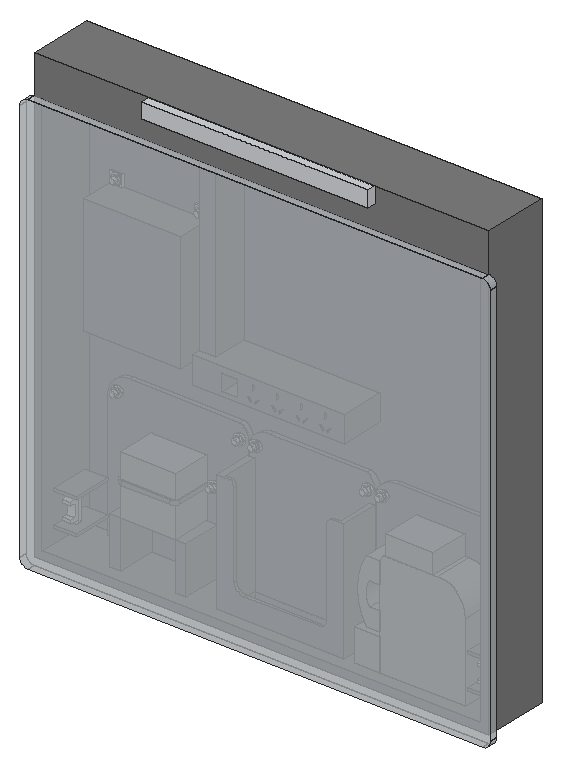
Revit family "ML_IMC3_LUX", category Specialty Equipment, Revit 2019
Family settings
  Round Connector Dimension = Use Diameter
  Part Type = Normal
  OmniClass Number = 23.40.20.21.47
  OmniClass Title = Bath Grab Bars
  Work Plane-Based = No
  Always vertical = Yes
  Cut with Voids When Loaded = No
  Shared = No
  Room Calculation Point = No
Parameters (values of type "ML_IMC3_LUX")
  URL = "http://www.metlam.com.au/"
  Type Comments = "Grab Rails"  # constant formula
  Jar = Plastic
  Bolts = z_Metlam_Stainless Steel
  ModifiedIssue_ANZRS = 20151029  # constant formula
  Model = "MLR 101"
  Mirror = Mirror
  Manufacture Width = 865 mm
  Manufacture Height = 859 mm
  Manufacture Depth = 125 mm
  Manufacturer_URL__Product Specific = "http://metlam.com.au/product/content/grab-rails/MLR101"
  Manufacturer_URL_Home Page = "http://www.metlam.com.au/"
  Manufacturer_Spec Code = Model  # "MLR 101"
  Manufacturer_Height From FFL [instance] = 1450 mm
  Manufacturer = "Metlam"  # constant formula
  Keynote = ""
  Frame = Aluminium
  Description = "30° Flush Mount Side Wall & Cistern Grab Rail LH Set"  # constant formula
  CreatedBy_ANZRS = "IGS - BIM Solutions"  # constant formula
  CreatedByURL_ANZRS = "http://www.igsgroup.com.au/"
  Assembly Code = "C1030200"
Reference planes
  plane 1 "Origin": z = 0
  plane 2 "MountingHeight": z = 1450
  plane 3 "Left": x = -560
  plane 4 "Top": z = 2309
  plane 5 "Right": x = 305
  plane 6 "Center (Left/Right)": x = -127.5
  plane 7 "Rear Wall Offset": y = 653
  plane 8 "4": y = 528
  plane 9: y = 628
Forms (mm)
  Extrusion 1, solid, material "Aluminium" <- "Frame"
    sketch origin (0, 0, 0) x (1, 0, 0) y (0, 1, 0)
      loop
        line (-560, 653) -> (-560, 528) -> (-545, 528) -> (-545, 638) -> (290, 638) -> (290, 528) -> (305, 528) -> (305, 653) -> (-560, 653)
    from 1450 to 2309
  Extrusion 2, solid, material "Aluminium" <- "Frame"
    sketch origin (-195.08, -338, 4000) x (-1, 0, 0) y (0, 0, 1)
      loop
        line (349.92, -2535) -> (-485.08, -2535) -> (-485.08, -2550) -> (349.92, -2550) -> (349.92, -2535)
    from 866 to 976
  Extrusion 3, solid, material "Aluminium" <- "Frame"
    sketch origin (-195.08, -338, -1191) x (-1, 0, 0) y (0, 0, 1)
      loop
        line (349.92, 3485) -> (349.92, 3500) -> (-485.08, 3500) -> (-485.08, 3485) -> (349.92, 3485)
    from 866 to 976
  Extrusion 4, solid, material "Aluminium" <- "Frame"
    sketch origin (-195.08, -338, 4000) x (-1, 0, 0) y (0, 0, 1)
      loop
        line (84.385, -1765.415) -> (54.385, -1765.415) -> (54.385, -2119.033) -> (84.385, -2119.033) -> (84.385, -1765.415)
    from 909.232 to 976
  Extrusion 5, solid, material "Aluminium" <- "Frame"
    sketch origin (-195.08, -338, 4000) x (-1, 0, 0) y (0, 0, 1)
      loop
        line (84.385, -2119.033) -> (-204.462, -2119.033) -> (-204.462, -2169.033) -> (84.385, -2169.033) -> (84.385, -2119.033)
    from 891.37 to 976
  Extrusion 6, solid, material "Aluminium" <- "Frame"
    sketch origin (-195.08, -338, 4000) x (-1, 0, 0) y (0, 0, 1)
      loop
        line (120.837, -1938.814) -> (120.837, -2163.814) -> (305.837, -2163.814) -> (305.837, -1938.814) -> (120.837, -1938.814)
    from 909.232 to 976
  Extrusion 7, solid, material "Plastic" <- "Jar"
    sketch origin (-195.08, -338, 4000) x (-1, 0, 0) y (0, 0, 1)
      loop
        line (-272.58, -2535) -> (-272.58, -2345) -> (-279.693, -2332.679) -> (-382.58, -2332.679)
        arc (-382.58, -2332.679) -> (-419.703, -2348.056) -> (-435.08, -2385.179) r 52.5
        line (-435.08, -2385.179) -> (-435.08, -2535) -> (-272.58, -2535)
    from 891.37 to 976
  Extrusion 8, solid, material "Aluminium" <- "Frame"
    sketch origin (-195.08, -338, 4000) x (-1, 0, 0) y (0, 0, 1)
      loop
        line (-203.959, -2306.081) -> (-203.959, -2535) -> (37.371, -2535) -> (37.371, -2306.081) -> (16.786, -2306.081)
        arc (16.786, -2306.081) -> (8.38, -2309.562) -> (4.898, -2317.969) r 11.888
        line (4.898, -2317.969) -> (4.898, -2477.124)
        arc (4.898, -2477.124) -> (-0.36, -2490.154) -> (-13.189, -2495.885) r 18.774
        line (-13.189, -2495.885) -> (-153.399, -2495.885)
        arc (-153.399, -2495.885) -> (-165.767, -2494.082) -> (-171.486, -2482.969) r 13.656
        line (-171.486, -2482.969) -> (-171.486, -2317.969)
        arc (-171.486, -2317.969) -> (-174.968, -2309.562) -> (-183.374, -2306.081) r 11.888
        line (-183.374, -2306.081) -> (-203.959, -2306.081)
    from 891.37 to 966
  Extrusion 9, solid, material "Aluminium" <- "Frame"
    sketch origin (-195.08, -338, 4000) x (-1, 0, 0) y (0, 0, 1)
      loop
        line (241.318, -2444.537) -> (221.318, -2444.537) -> (221.318, -2535) -> (241.318, -2535) -> (241.318, -2444.537)
      loop
        line (116.318, -2444.537) -> (96.318, -2444.537) -> (96.318, -2535) -> (116.318, -2535) -> (116.318, -2444.537)
    from 891.37 to 966
  Extrusion 10, solid, material "Plastic" <- "Jar"
    sketch origin (-195.08, -338, 4000) x (-1, 0, 0) y (0, 0, 1)
      loop
        line (221.318, -2444.537) -> (221.318, -2332.679) -> (116.318, -2332.679) -> (116.318, -2444.537) -> (221.318, -2444.537)
    from 891.37 to 966
  Extrusion 11, solid, material "Plastic" <- "Jar"
    sketch origin (-195.08, -338, 4000) x (-1, 0, 0) y (0, 0, 1)
      loop
        line (-282.754, -2294.896) -> (-373.358, -2294.896) -> (-373.358, -2332.679) -> (-282.754, -2332.679) -> (-282.754, -2294.896)
    from 891.37 to 966
  Extrusion 12, solid, material "Plastic" <- "Jar"
    sketch origin (-195.08, -338, 4000) x (-1, 0, 0) y (0, 0, 1)
      loop
        line (-272.58, -2430.001) -> (-272.58, -2465.001) -> (-247.36, -2465.001)
        arc (-247.36, -2465.001) -> (-230.386, -2405) -> (-247.36, -2345) r 114.532
        line (-247.36, -2345) -> (-272.58, -2345) -> (-272.58, -2384.574) -> (-253.421, -2384.574)
        arc (-253.421, -2384.574) -> (-246.654, -2407.287) -> (-253.421, -2430.001) r 41.501
        line (-253.421, -2430.001) -> (-272.58, -2430.001)
    from 891.37 to 976
  Extrusion 13, solid, material "Plastic" <- "Jar"
    sketch origin (-195.08, -338, 4000) x (-1, 0, 0) y (0, 0, 1)
      loop
        line (-224.391, -2474.392) -> (-272.58, -2474.392) -> (-272.58, -2535) -> (-224.391, -2535) -> (-224.391, -2474.392)
    from 891.37 to 976
  Extrusion 14, solid, material "Aluminium" <- "Frame"
    sketch origin (-195.08, -338, 4000) x (-1, 0, 0) y (0, 0, 1)
      loop
        line (304.92, -2535) -> (304.92, -2295.276)
        arc (304.92, -2295.276) -> (292.546, -2266.578) -> (263.183, -2255.876) r 39.465
        line (263.183, -2255.876) -> (53.183, -2255.876)
        arc (53.183, -2255.876) -> (41.676, -2265.578) -> (37.371, -2280) r 26.309
        line (37.371, -2280) -> (37.371, -2535) -> (304.92, -2535)
    from 966 to 976
  Extrusion 15, solid, material "z_Metlam_Stainless Steel" <- "Bolts", not visible
    sketch origin (-190.08, -338, 4000) x (-1, 0, 0) y (0, 0, 1)
      loop
        circle (294.86, -2758.557) r 10
    from 962.275 to 966
  Extrusion 16, solid, material "z_Metlam_Stainless Steel" <- "Bolts", not visible
    sketch origin (-190.08, -338, 4000) x (-1, 0, 0) y (0, 0, 1)
      loop
        line (287.365, -2758.557) -> (291.112, -2765.048) -> (298.607, -2765.048) -> (302.354, -2758.557) -> (298.607, -2752.067) -> (291.112, -2752.067) -> (287.365, -2758.557)
    from 958.812 to 962.275
  Extrusion 17, solid, material "z_Metlam_Stainless Steel" <- "Bolts", not visible
    sketch origin (-190.08, -338, 4000) x (-1, 0, 0) y (0, 0, 1)
      loop
        circle (294.86, -2758.557) r 5
    from 952.179 to 958.812
  Extrusion 18, solid, material "Aluminium" <- "Frame"
    sketch origin (72.469, -338, 4000) x (-1, 0, 0) y (0, 0, 1)
      loop
        line (304.92, -2535) -> (304.92, -2295.276)
        arc (304.92, -2295.276) -> (292.546, -2266.578) -> (263.183, -2255.876) r 39.465
        line (263.183, -2255.876) -> (79.402, -2255.876)
        arc (79.402, -2255.876) -> (67.895, -2265.578) -> (63.59, -2280) r 26.309
        line (63.59, -2280) -> (63.59, -2535) -> (304.92, -2535)
    from 966 to 976
  Extrusion 19, solid, material "Aluminium" <- "Frame"
    sketch origin (313.799, -338, 4000) x (-1, 0, 0) y (0, 0, 1)
      loop
        line (304.92, -2535) -> (304.92, -2295.276)
        arc (304.92, -2295.276) -> (292.546, -2266.578) -> (263.183, -2255.876) r 39.465
        line (263.183, -2255.876) -> (79.402, -2255.876)
        arc (79.402, -2255.876) -> (67.895, -2265.578) -> (63.59, -2280) r 26.309
        line (63.59, -2280) -> (63.59, -2535) -> (304.92, -2535)
    from 976 to 966
  Extrusion 20, solid, material "z_Metlam_Stainless Steel" <- "Bolts", not visible
    sketch origin (-59.92, 338, 4000) x (1, 0, 0) y (0, 0, 1)
      loop
        arc (-470.381, -2972.188) -> (-467.074, -2975.636) -> (-462.434, -2976.776) r 8.564
        arc (-462.434, -2976.776) -> (-457.793, -2975.636) -> (-454.486, -2972.188) r 8.564
        line (-454.486, -2972.188) -> (-454.486, -2924.42)
        arc (-454.486, -2924.42) -> (-457.755, -2920.116) -> (-462.95, -2918.627) r 8.564
        arc (-462.95, -2918.627) -> (-467.148, -2919.528) -> (-470.381, -2922.354) r 8.564
        line (-470.381, -2922.354) -> (-470.381, -2972.188)
    from 915.236 to 920.391
  Extrusion 21, solid, material "z_Metlam_Stainless Steel" <- "Bolts", not visible
    sketch origin (-255, 0, 0) x (0, -1, 0) y (0, 0, 1)
      loop
        line (-577.236, 1073.207) -> (-577.236, 1031.39) -> (-557.54, 1034.863) -> (-557.54, 1039.863) -> (-568.05, 1039.863)
        arc (-568.05, 1039.863) -> (-570.843, 1052.298) -> (-568.05, 1064.734) r 29.081
        line (-568.05, 1064.734) -> (-557.54, 1064.734) -> (-557.54, 1069.734) -> (-577.236, 1073.207)
    from 275.301 to 259.406
  Extrusion 22, solid, material "Aluminium" <- "Frame", not visible
    sketch origin (-59.92, 338, 4000) x (1, 0, 0) y (0, 0, 1)
      loop
        line (-485.08, -2913.651) -> (-485.08, -2918.651) -> (-440.107, -2918.651) -> (-440.107, -2913.651) -> (-485.08, -2913.651)
      loop
        line (-485.08, -2976.776) -> (-485.08, -2981.776) -> (-440.107, -2981.776) -> (-440.107, -2976.776) -> (-485.08, -2976.776)
    from 891.37 to 966
  Extrusion 23, solid, material "Aluminium" <- "Frame"
    sketch origin (-195.08, -338, 4000) x (-1, 0, 0) y (0, 0, 1)
      loop
        line (-485.08, -1765.415) -> (349.92, -1765.415) -> (349.92, -1706) -> (-485.08, -1706) -> (-485.08, -1765.415)
    from 866 to 909.232
  Sweep 24, solid, material "Aluminium" <- "Frame", not visible
    path origin (-984.108, -530, 3462.68) x (1, 0, 0) y (0, 0, 1)
      loop
        line (497.181, -2680.652) -> (372.344, -2337.665)
    profile origin (-549.345, -530, 953.522) x (-0.939693, 0, -0.34202) y (0, -1, 0)
      loop
        circle (0, 37.5) r 12.5
  Sweep 25, solid, material "z_Metlam_Stainless Steel" <- "Bolts", not visible
    path origin (-984.925, -530, 3462.68) x (1, 0, 0) y (0, 0, 1)
      loop
        line (373.769, -2341.581) -> (309.863, -2166)
    profile origin (-643.109, -530, 1208.89) x (-0.939693, 0, -0.34202) y (0, -1, 0)
      loop
        circle (0, 37.5) r 5
  Extrusion 26, solid, material "Aluminium" <- "Frame", not visible
    sketch origin (-382.494, -1511, 4514.915) x (-1, 0, 0) y (0, 0, 1)
      loop
        line (302.363, -3227.54) -> (302.363, -3218.235) -> (277.363, -3218.235) -> (277.363, -3227.54) -> (302.363, -3227.54)
    from 934.427 to 952.595
  Sweep 27, solid, material "Aluminium" <- "Frame", not visible
    path origin (-1151.772, -560, 3924.375) x (-1, 0, 0) y (0, 0, 1)
      loop
        line (-664.845, -2680.652) -> (-540.008, -2337.665)
    profile origin (-549.345, -560, 1415.217) x (0.939693, 0, 0.34202) y (0, 1, 0)
      loop
        circle (0, -7.5) r 12.5
  Sweep 28, solid, material "z_Metlam_Stainless Steel" <- "Bolts", not visible
    path origin (-1150.955, -560, 3924.375) x (-1, 0, 0) y (0, 0, 1)
      loop
        line (-539.799, -2341.581) -> (-475.893, -2166)
    profile origin (-643.109, -560, 1670.584) x (0.939693, 0, 0.34202) y (0, 1, 0)
      loop
        circle (0, -7.5) r 5
  Extrusion 29, solid, material "Aluminium" <- "Frame", not visible
    sketch origin (-1753.386, 421, 4514.915) x (1, 0, 0) y (0, 0, 1)
      loop
        line (1068.529, -2761.54) -> (1093.529, -2761.54) -> (1093.529, -2741.783) -> (1068.529, -2741.783) -> (1068.529, -2761.54)
    from 976.897 to 998.297
  Extrusion 30, solid, material "z_Metlam_Stainless Steel" <- "Bolts", not visible
    sketch origin (-1940.8, -1511, 4000) x (1, 0, 0) y (0, 0, -1)
      loop
        line (1463.354, 2758.557) -> (1459.607, 2765.048) -> (1452.112, 2765.048) -> (1448.365, 2758.557) -> (1452.112, 2752.067) -> (1459.607, 2752.067) -> (1463.354, 2758.557)
    from 928.777 to 966
  Extrusion 31, solid, material "z_Metlam_Stainless Steel" <- "Bolts", not visible
    sketch origin (-1940.8, -1511, 4000) x (1, 0, 0) y (0, 0, -1)
      loop
        circle (1455.86, 2758.557) r 5
    from 926.206 to 931
  Extrusion 32, solid, material "Aluminium" <- "Frame", not visible
    sketch origin (-1940.8, -1511, 4000) x (1, 0, 0) y (0, 0, -1)
      loop
        line (1443.356, 2782.781) -> (1443.356, 2733.316) -> (1468.356, 2733.316) -> (1468.356, 2782.781) -> (1443.356, 2782.781)
    from 962.737 to 966
  Extrusion 33, solid, material "z_Metlam_Stainless Steel" <- "Bolts", not visible
    sketch origin (-608.941, -338, -1273.877) x (1, 0, 0) y (0, 0, -1)
      loop
        circle (128.689, -2511.57) r 10
    from 962.275 to 966
  Extrusion 34, solid, material "z_Metlam_Stainless Steel" <- "Bolts", not visible
    sketch origin (-608.941, -338, -1273.877) x (1, 0, 0) y (0, 0, -1)
      loop
        line (136.184, -2511.57) -> (132.436, -2505.079) -> (124.942, -2505.079) -> (121.194, -2511.57) -> (124.942, -2518.06) -> (132.436, -2518.06) -> (136.184, -2511.57)
    from 958.812 to 962.275
  Extrusion 35, solid, material "z_Metlam_Stainless Steel" <- "Bolts", not visible
    sketch origin (-608.941, -338, -1273.877) x (1, 0, 0) y (0, 0, -1)
      loop
        circle (128.689, -2511.57) r 5
    from 952.179 to 958.812
  Extrusion 36, solid, material "z_Metlam_Stainless Steel" <- "Bolts", not visible
    sketch origin (-604.254, -338, -1277.627) x (1, 0, 0) y (0, 0, -1)
      loop
        line (112.087, -2526.314) -> (135.107, -2526.314) -> (135.107, -2504.49) -> (112.087, -2504.49) -> (112.087, -2526.314)
    from 962.275 to 966
  Extrusion 37, solid, material "Aluminium" <- "Frame"
    sketch origin (-195.08, -338, 4475) x (-1, 0, 0) y (0, 0, 1)
      loop
        line (349.92, -2913.651) -> (304.947, -2913.651) -> (304.947, -2918.651) -> (349.92, -2918.651) -> (349.92, -2913.651)
      loop
        line (349.92, -2976.776) -> (304.947, -2976.776) -> (304.947, -2981.776) -> (349.92, -2981.776) -> (349.92, -2976.776)
    from 891.37 to 966
  Extrusion 38, solid, material "Aluminium" <- "Frame"
    sketch origin (0, 0, 475) x (1, 0, 0) y (0, 1, 0)
      loop
        arc (-409.257, 553.37) -> (-413.616, 554.745) -> (-416.398, 558.37) r 7.599
        line (-416.398, 558.37) -> (-416.398, 628) -> (-421.398, 628) -> (-421.398, 557.602)
        arc (-421.398, 557.602) -> (-416.883, 550.94) -> (-409.257, 548.37) r 12.599
        line (-409.257, 548.37) -> (-318.538, 548.37)
        arc (-318.538, 548.37) -> (-310.912, 550.94) -> (-306.398, 557.602) r 12.599
        line (-306.398, 557.602) -> (-306.398, 628) -> (-311.398, 628) -> (-311.398, 558.37)
        arc (-311.398, 558.37) -> (-314.18, 554.745) -> (-318.538, 553.37) r 7.599
        line (-318.538, 553.37) -> (-409.257, 553.37)
    from 1140.441 to 1147.532
  Extrusion 39, solid, material "z_Metlam_Stainless Steel" <- "Bolts"
    sketch origin (-195.08, -338, 4475) x (-1, 0, 0) y (0, 0, 1)
      loop
        line (335.221, -2972.188) -> (335.221, -2922.354)
        arc (335.221, -2922.354) -> (331.988, -2919.528) -> (327.79, -2918.627) r 8.564
        arc (327.79, -2918.627) -> (322.594, -2920.116) -> (319.325, -2924.42) r 8.564
        line (319.325, -2924.42) -> (319.325, -2972.188)
        arc (319.325, -2972.188) -> (322.633, -2975.636) -> (327.273, -2976.776) r 8.564
        arc (327.273, -2976.776) -> (331.914, -2975.636) -> (335.221, -2972.188) r 8.564
    from 915.236 to 920.391
  Extrusion 40, solid, material "z_Metlam_Stainless Steel" <- "Bolts"
    sketch origin (0, 0, 475) x (0, 1, 0) y (0, 0, 1)
      loop
        line (577.236, 1073.207) -> (557.54, 1069.734) -> (557.54, 1064.734) -> (568.05, 1064.734)
        arc (568.05, 1064.734) -> (570.843, 1052.298) -> (568.05, 1039.863) r 29.081
        line (568.05, 1039.863) -> (557.54, 1039.863) -> (557.54, 1034.863) -> (577.236, 1031.39) -> (577.236, 1073.207)
    from -530.301 to -514.406
  Extrusion 41, solid, material "z_Metlam_Stainless Steel" <- "Bolts"
    sketch origin (-195.08, -338, 4475) x (-1, 0, 0) y (0, 0, 1)
      loop
        arc (-470.381, -2972.188) -> (-467.074, -2975.636) -> (-462.434, -2976.776) r 8.564
        arc (-462.434, -2976.776) -> (-457.793, -2975.636) -> (-454.486, -2972.188) r 8.564
        line (-454.486, -2972.188) -> (-454.486, -2924.42)
        arc (-454.486, -2924.42) -> (-457.755, -2920.116) -> (-462.95, -2918.627) r 8.564
        arc (-462.95, -2918.627) -> (-467.148, -2919.528) -> (-470.381, -2922.354) r 8.564
        line (-470.381, -2922.354) -> (-470.381, -2972.188)
    from 915.236 to 920.391
  Extrusion 42, solid, material "z_Metlam_Stainless Steel" <- "Bolts"
    sketch origin (0, 0, 475) x (0, 1, 0) y (0, 0, 1)
      loop
        line (577.236, 1073.207) -> (557.54, 1069.734) -> (557.54, 1064.734) -> (568.05, 1064.734)
        arc (568.05, 1064.734) -> (570.843, 1052.298) -> (568.05, 1039.863) r 29.081
        line (568.05, 1039.863) -> (557.54, 1039.863) -> (557.54, 1034.863) -> (577.236, 1031.39) -> (577.236, 1073.207)
    from 275.301 to 259.406
  Extrusion 43, solid, material "Aluminium" <- "Frame"
    sketch origin (-195.08, -338, 4475) x (-1, 0, 0) y (0, 0, 1)
      loop
        line (-485.08, -2913.651) -> (-485.08, -2918.651) -> (-440.107, -2918.651) -> (-440.107, -2913.651) -> (-485.08, -2913.651)
      loop
        line (-485.08, -2976.776) -> (-485.08, -2981.776) -> (-440.107, -2981.776) -> (-440.107, -2976.776) -> (-485.08, -2976.776)
    from 891.37 to 966
  Extrusion 44, solid, material "z_Metlam_Stainless Steel" <- "Bolts"
    sketch origin (-617.691, -328, -686.377) x (1, 0, 0) y (0, 0, -1)
      loop
        circle (128.689, -2511.57) r 10
    from 962.275 to 966
  Extrusion 45, solid, material "z_Metlam_Stainless Steel" <- "Bolts"
    sketch origin (-617.691, -328, -686.377) x (1, 0, 0) y (0, 0, -1)
      loop
        line (136.184, -2511.57) -> (132.436, -2505.079) -> (124.942, -2505.079) -> (121.194, -2511.57) -> (124.942, -2518.06) -> (132.436, -2518.06) -> (136.184, -2511.57)
    from 958.812 to 962.275
  Extrusion 46, solid, material "z_Metlam_Stainless Steel" <- "Bolts"
    sketch origin (-617.691, -328, -686.377) x (1, 0, 0) y (0, 0, -1)
      loop
        circle (128.689, -2511.57) r 5
    from 952.179 to 958.812
  Extrusion 47, solid, material "z_Metlam_Stainless Steel" <- "Bolts"
    sketch origin (-613.004, -328, -690.127) x (1, 0, 0) y (0, 0, -1)
      loop
        line (112.087, -2526.314) -> (135.107, -2526.314) -> (135.107, -2504.49) -> (112.087, -2504.49) -> (112.087, -2526.314)
    from 962.275 to 966
  Extrusion 48, solid, material "z_Metlam_Stainless Steel" <- "Bolts"
    sketch origin (-199.143, -328, 4583.75) x (-1, 0, 0) y (0, 0, 1)
      loop
        circle (128.689, -2758.557) r 10
    from 962.275 to 966
  Extrusion 49, solid, material "z_Metlam_Stainless Steel" <- "Bolts"
    sketch origin (-199.143, -328, 4583.75) x (-1, 0, 0) y (0, 0, 1)
      loop
        line (136.184, -2758.557) -> (132.436, -2752.067) -> (124.942, -2752.067) -> (121.194, -2758.557) -> (124.942, -2765.048) -> (132.436, -2765.048) -> (136.184, -2758.557)
    from 958.812 to 962.275
  Extrusion 50, solid, material "z_Metlam_Stainless Steel" <- "Bolts"
    sketch origin (-199.143, -328, 4583.75) x (-1, 0, 0) y (0, 0, 1)
      loop
        circle (128.689, -2758.557) r 5
    from 952.179 to 958.812
  Extrusion 51, solid, material "z_Metlam_Stainless Steel" <- "Bolts"
    sketch origin (-203.83, -328, 4587.5) x (-1, 0, 0) y (0, 0, 1)
      loop
        line (112.087, -2751.314) -> (112.087, -2773.138) -> (135.107, -2773.138) -> (135.107, -2751.314) -> (112.087, -2751.314)
    from 962.275 to 966
  Extrusion 52, void
    sketch origin (0, 0, 475) x (1, 0, 0) y (0, 1, 0)
      loop
        line (0.022, 558) -> (0.022, 628) -> (-220.689, 628) -> (-220.689, 558) -> (0.022, 558)
    from 938.552 to 1247.933
  Extrusion 53, solid, material "z_Metlam_Stainless Steel" <- "Bolts"
    sketch origin (77.469, -338, 4475) x (-1, 0, 0) y (0, 0, 1)
      loop
        circle (294.86, -2758.557) r 10
    from 962.275 to 966
  Extrusion 54, solid, material "z_Metlam_Stainless Steel" <- "Bolts"
    sketch origin (77.469, -338, 4475) x (-1, 0, 0) y (0, 0, 1)
      loop
        line (287.365, -2758.557) -> (291.112, -2765.048) -> (298.607, -2765.048) -> (302.354, -2758.557) -> (298.607, -2752.067) -> (291.112, -2752.067) -> (287.365, -2758.557)
    from 958.812 to 962.275
  Extrusion 55, solid, material "z_Metlam_Stainless Steel" <- "Bolts"
    sketch origin (77.469, -338, 4475) x (-1, 0, 0) y (0, 0, 1)
      loop
        circle (294.86, -2758.557) r 5
    from 952.179 to 958.812
  Extrusion 56, solid, material "z_Metlam_Stainless Steel" <- "Bolts"
    sketch origin (-134.663, -338, 4377.123) x (-1, 0, 0) y (0, 0, 1)
      loop
        circle (294.86, -2758.557) r 10
    from 962.275 to 966
  Extrusion 57, solid, material "z_Metlam_Stainless Steel" <- "Bolts"
    sketch origin (-134.663, -338, 4377.123) x (-1, 0, 0) y (0, 0, 1)
      loop
        line (287.365, -2758.557) -> (291.112, -2765.048) -> (298.607, -2765.048) -> (302.354, -2758.557) -> (298.607, -2752.067) -> (291.112, -2752.067) -> (287.365, -2758.557)
    from 958.812 to 962.275
  Extrusion 58, solid, material "z_Metlam_Stainless Steel" <- "Bolts"
    sketch origin (-134.663, -338, 4377.123) x (-1, 0, 0) y (0, 0, 1)
      loop
        circle (294.86, -2758.557) r 5
    from 952.179 to 958.812
  Extrusion 59, solid, material "z_Metlam_Stainless Steel" <- "Bolts"
    sketch origin (289.969, -338, 4475) x (-1, 0, 0) y (0, 0, 1)
      loop
        circle (294.86, -2758.557) r 10
    from 962.275 to 966
  Extrusion 60, solid, material "z_Metlam_Stainless Steel" <- "Bolts"
    sketch origin (289.969, -338, 4475) x (-1, 0, 0) y (0, 0, 1)
      loop
        line (287.365, -2758.557) -> (291.112, -2765.048) -> (298.607, -2765.048) -> (302.354, -2758.557) -> (298.607, -2752.067) -> (291.112, -2752.067) -> (287.365, -2758.557)
    from 958.812 to 962.275
  Extrusion 61, solid, material "z_Metlam_Stainless Steel" <- "Bolts"
    sketch origin (289.969, -338, 4475) x (-1, 0, 0) y (0, 0, 1)
      loop
        circle (294.86, -2758.557) r 5
    from 952.179 to 958.812
  Extrusion 62, solid, material "z_Metlam_Stainless Steel" <- "Bolts"
    sketch origin (318.799, -338, 4475) x (-1, 0, 0) y (0, 0, 1)
      loop
        circle (294.86, -2758.557) r 10
    from 962.275 to 966
  Extrusion 63, solid, material "z_Metlam_Stainless Steel" <- "Bolts"
    sketch origin (318.799, -338, 4475) x (-1, 0, 0) y (0, 0, 1)
      loop
        line (287.365, -2758.557) -> (291.112, -2765.048) -> (298.607, -2765.048) -> (302.354, -2758.557) -> (298.607, -2752.067) -> (291.112, -2752.067) -> (287.365, -2758.557)
    from 958.812 to 962.275
  Extrusion 64, solid, material "z_Metlam_Stainless Steel" <- "Bolts"
    sketch origin (318.799, -338, 4475) x (-1, 0, 0) y (0, 0, 1)
      loop
        circle (294.86, -2758.557) r 5
    from 952.179 to 958.812
  Extrusion 65, solid, material "z_Metlam_Stainless Steel" <- "Bolts"
    sketch origin (531.299, -338, 4475) x (-1, 0, 0) y (0, 0, 1)
      loop
        circle (294.86, -2758.557) r 10
    from 962.275 to 966
  Extrusion 66, solid, material "z_Metlam_Stainless Steel" <- "Bolts"
    sketch origin (531.299, -338, 4475) x (-1, 0, 0) y (0, 0, 1)
      loop
        line (287.365, -2758.557) -> (291.112, -2765.048) -> (298.607, -2765.048) -> (302.354, -2758.557) -> (298.607, -2752.067) -> (291.112, -2752.067) -> (287.365, -2758.557)
    from 958.812 to 962.275
  Extrusion 67, solid, material "z_Metlam_Stainless Steel" <- "Bolts"
    sketch origin (531.299, -338, 4475) x (-1, 0, 0) y (0, 0, 1)
      loop
        circle (294.86, -2758.557) r 5
    from 952.179 to 958.812
  Extrusion 68, solid, material "z_Metlam_Stainless Steel" <- "Bolts"
    sketch origin (-186.361, -338, 4475) x (-1, 0, 0) y (0, 0, 1)
      loop
        circle (294.86, -2758.557) r 10
    from 962.275 to 966
  Extrusion 69, solid, material "z_Metlam_Stainless Steel" <- "Bolts"
    sketch origin (-186.361, -338, 4475) x (-1, 0, 0) y (0, 0, 1)
      loop
        line (287.365, -2758.557) -> (291.112, -2765.048) -> (298.607, -2765.048) -> (302.354, -2758.557) -> (298.607, -2752.067) -> (291.112, -2752.067) -> (287.365, -2758.557)
    from 958.812 to 962.275
  Extrusion 70, solid, material "z_Metlam_Stainless Steel" <- "Bolts"
    sketch origin (-186.361, -338, 4475) x (-1, 0, 0) y (0, 0, 1)
      loop
        circle (294.86, -2758.557) r 5
    from 952.179 to 958.812
  Extrusion 71, solid, material "z_Metlam_Stainless Steel" <- "Bolts"
    sketch origin (46.139, -338, 4475) x (-1, 0, 0) y (0, 0, 1)
      loop
        circle (294.86, -2758.557) r 10
    from 962.275 to 966
  Extrusion 72, solid, material "z_Metlam_Stainless Steel" <- "Bolts"
    sketch origin (46.139, -338, 4475) x (-1, 0, 0) y (0, 0, 1)
      loop
        line (287.365, -2758.557) -> (291.112, -2765.048) -> (298.607, -2765.048) -> (302.354, -2758.557) -> (298.607, -2752.067) -> (291.112, -2752.067) -> (287.365, -2758.557)
    from 958.812 to 962.275
  Extrusion 73, solid, material "z_Metlam_Stainless Steel" <- "Bolts"
    sketch origin (46.139, -338, 4475) x (-1, 0, 0) y (0, 0, 1)
      loop
        circle (294.86, -2758.557) r 5
    from 952.179 to 958.812
  Extrusion 74, solid, material "z_Metlam_Stainless Steel" <- "Bolts"
    sketch origin (-3.413, -338, 4377.123) x (-1, 0, 0) y (0, 0, 1)
      loop
        circle (294.86, -2758.557) r 10
    from 962.275 to 966
  Extrusion 75, solid, material "z_Metlam_Stainless Steel" <- "Bolts"
    sketch origin (-3.413, -338, 4377.123) x (-1, 0, 0) y (0, 0, 1)
      loop
        line (287.365, -2758.557) -> (291.112, -2765.048) -> (298.607, -2765.048) -> (302.354, -2758.557) -> (298.607, -2752.067) -> (291.112, -2752.067) -> (287.365, -2758.557)
    from 958.812 to 962.275
  Extrusion 76, solid, material "z_Metlam_Stainless Steel" <- "Bolts"
    sketch origin (-3.413, -338, 4377.123) x (-1, 0, 0) y (0, 0, 1)
      loop
        circle (294.86, -2758.557) r 5
    from 952.179 to 958.812
  Extrusion 77, solid, material "z_Metlam_Stainless Steel" <- "Bolts", not visible
    sketch origin (-195.08, -1511, 3540) x (-1, 0, 0) y (0, 0, 1)
      loop
        line (282.365, -2758.557) -> (286.112, -2765.048) -> (293.607, -2765.048) -> (297.354, -2758.557) -> (293.607, -2752.067) -> (286.112, -2752.067) -> (282.365, -2758.557)
    from 928.777 to 966
  Extrusion 78, solid, material "z_Metlam_Stainless Steel" <- "Bolts", not visible
    sketch origin (-195.08, -1511, 3540) x (-1, 0, 0) y (0, 0, 1)
      loop
        circle (289.86, -2758.557) r 5
    from 926.206 to 931
  Extrusion 79, solid, material "Aluminium" <- "Frame", not visible
    sketch origin (-195.08, -1511, 3540) x (-1, 0, 0) y (0, 0, 1)
      loop
        line (302.363, -2782.781) -> (302.363, -2733.316) -> (277.363, -2733.316) -> (277.363, -2782.781) -> (302.363, -2782.781)
    from 962.737 to 966
  Extrusion 80, solid, material "z_Metlam_Stainless Steel" <- "Bolts"
    sketch origin (-199.143, -328, 4583.75) x (-1, 0, 0) y (0, 0, 1)
      loop
        circle (289.86, -2511.57) r 10
    from 962.275 to 966
  Extrusion 81, solid, material "z_Metlam_Stainless Steel" <- "Bolts"
    sketch origin (-199.143, -328, 4583.75) x (-1, 0, 0) y (0, 0, 1)
      loop
        line (282.365, -2511.57) -> (286.112, -2518.06) -> (293.607, -2518.06) -> (297.354, -2511.57) -> (293.607, -2505.079) -> (286.112, -2505.079) -> (282.365, -2511.57)
    from 958.812 to 962.275
  Extrusion 82, solid, material "z_Metlam_Stainless Steel" <- "Bolts"
    sketch origin (-199.143, -328, 4583.75) x (-1, 0, 0) y (0, 0, 1)
      loop
        circle (289.86, -2511.57) r 5
    from 952.179 to 958.812
  Extrusion 83, solid, material "z_Metlam_Stainless Steel" <- "Bolts"
    sketch origin (-203.83, -328, 4587.5) x (-1, 0, 0) y (0, 0, 1)
      loop
        line (297.087, -2526.314) -> (297.087, -2504.49) -> (274.067, -2504.49) -> (274.067, -2526.314) -> (297.087, -2526.314)
    from 962.275 to 966
  Extrusion 84, solid, material "z_Metlam_Stainless Steel" <- "Bolts"
    sketch origin (-199.143, -328, 4583.75) x (-1, 0, 0) y (0, 0, 1)
      loop
        circle (128.689, -2511.57) r 10
    from 962.275 to 966
  Extrusion 85, solid, material "z_Metlam_Stainless Steel" <- "Bolts"
    sketch origin (-199.143, -328, 4583.75) x (-1, 0, 0) y (0, 0, 1)
      loop
        line (136.184, -2511.57) -> (132.436, -2505.079) -> (124.942, -2505.079) -> (121.194, -2511.57) -> (124.942, -2518.06) -> (132.436, -2518.06) -> (136.184, -2511.57)
    from 958.812 to 962.275
  Extrusion 86, solid, material "z_Metlam_Stainless Steel" <- "Bolts"
    sketch origin (-199.143, -328, 4583.75) x (-1, 0, 0) y (0, 0, 1)
      loop
        circle (128.689, -2511.57) r 5
    from 952.179 to 958.812
  Extrusion 87, solid, material "z_Metlam_Stainless Steel" <- "Bolts"
    sketch origin (-203.83, -328, 4587.5) x (-1, 0, 0) y (0, 0, 1)
      loop
        line (112.087, -2526.314) -> (135.107, -2526.314) -> (135.107, -2504.49) -> (112.087, -2504.49) -> (112.087, -2526.314)
    from 962.275 to 966
  Extrusion 88, void
    sketch origin (0, 528, 0) x (-1, 0, 0) y (0, 0, 1)
      loop
        line (223.792, 1870.726) -> (193.792, 1870.726) -> (193.792, 1838.226) -> (223.792, 1838.226) -> (223.792, 1870.726)
      loop
        line (164.465, 1870.726) -> (161.711, 1870.726) -> (161.711, 1860.726) -> (164.465, 1860.726) -> (164.465, 1870.726)
      loop
        line (174.236, 1847.422) -> (172.126, 1849.191) -> (165.698, 1841.531) -> (167.808, 1839.761) -> (174.236, 1847.422)
      loop
        line (151.941, 1847.422) -> (158.368, 1839.761) -> (160.478, 1841.531) -> (154.05, 1849.191) -> (151.941, 1847.422)
      loop
        line (118.794, 1870.726) -> (116.041, 1870.726) -> (116.041, 1860.726) -> (118.794, 1860.726) -> (118.794, 1870.726)
      loop
        line (128.565, 1847.422) -> (126.456, 1849.191) -> (120.028, 1841.531) -> (122.137, 1839.761) -> (128.565, 1847.422)
      loop
        line (106.27, 1847.422) -> (112.698, 1839.761) -> (114.807, 1841.531) -> (108.38, 1849.191) -> (106.27, 1847.422)
      loop
        line (73.124, 1870.726) -> (70.371, 1870.726) -> (70.371, 1860.726) -> (73.124, 1860.726) -> (73.124, 1870.726)
      loop
        line (82.895, 1847.422) -> (80.786, 1849.191) -> (74.358, 1841.531) -> (76.467, 1839.761) -> (82.895, 1847.422)
      loop
        line (60.6, 1847.422) -> (67.028, 1839.761) -> (69.137, 1841.531) -> (62.709, 1849.191) -> (60.6, 1847.422)
      loop
        line (27.454, 1870.726) -> (24.7, 1870.726) -> (24.7, 1860.726) -> (27.454, 1860.726) -> (27.454, 1870.726)
      loop
        line (37.225, 1847.422) -> (35.115, 1849.191) -> (28.687, 1841.531) -> (30.797, 1839.761) -> (37.225, 1847.422)
      loop
        line (14.93, 1847.422) -> (21.357, 1839.761) -> (23.467, 1841.531) -> (17.039, 1849.191) -> (14.93, 1847.422)
    from 20.37 to 96.179
  Extrusion 89, solid, material "Mirror" <- "Mirror"
    sketch origin (0, 528, 0) x (1, 0, 0) y (0, 0, 1)
      loop
        arc (-575, 1450) -> (-570.607, 1439.393) -> (-560, 1435) r 15
        line (-560, 1435) -> (305, 1435)
        arc (305, 1435) -> (315.607, 1439.393) -> (320, 1450) r 15
        line (320, 1450) -> (320, 2219.585)
        arc (320, 2219.585) -> (315.607, 2230.192) -> (305, 2234.585) r 15
        line (305, 2234.585) -> (-560, 2234.585)
        arc (-560, 2234.585) -> (-570.607, 2230.192) -> (-575, 2219.585) r 15
        line (-575, 2219.585) -> (-575, 1450)
    from 0 to 15.487
  Extrusion 90, solid
    sketch origin (0, 528, 0) x (1, 0, 0) y (0, 0, 1)
      loop
        line (87.5, 2309) -> (-342.5, 2309) -> (-342.5, 2279) -> (87.5, 2279) -> (87.5, 2309)
    from 0 to 15.487
Cuts and joins
  Extrusion 52, Extrusion 88 cuts Extrusion 1
  Extrusion 52, Extrusion 88 cuts Extrusion 2
  Extrusion 52, Extrusion 88 cuts Extrusion 3
  joined: Extrusion 1, Extrusion 2, Extrusion 3, Extrusion 23
  Extrusion 52 cuts Extrusion 8
  Extrusion 52 cuts Extrusion 18
  Extrusion 52, Extrusion 88 cuts Extrusion 5
Lines and regions (mm)
  symbolic lines, style "SpecialityEquipmentHiddenLines", detail levels medium+fine
    curve 1: line (-560, 532.671, 2349.522) -> (-560, -332.798, 2117.62)
    curve 2: line (-560, 539.784, 2322.978) -> (-560, 532.671, 2349.522)
    curve 3: line (-560, -325.686, 2091.076) -> (-560, 539.784, 2322.978)
    curve 4: line (-560, -332.798, 2117.62) -> (-560, -325.686, 2091.076)
    curve 5: line (-560, 510.806, 2315.213) -> (-560, 512.513, 2308.843)
    curve 6: line (-560, 512.513, 2304.85) -> (-560, -308.492, 2084.863)
    curve 7: line (-560, -308.492, 2084.863) -> (-560, -311.197, 2094.958)
    curve 8: line (-560, 512.513, 2022.136) -> (-560, 468.898, 2141.966)
    curve 9: line (-560, 468.898, 2141.966) -> (-560, 444.43, 2133.06)
    curve 10: line (-560, 444.43, 2133.06) -> (-560, 512.513, 1946.003)
    curve 11: line (-560, 459.501, 2138.546) -> (-560, 409.061, 2277.13)
    curve 12: line (-560, 453.057, 2136.2) -> (-560, 402.411, 2275.349)
Text (mm)
  text "Disclaimer:\nDue to ongoing product development and manufacturing evolution, product details are subject to change without notice.\nPlease refer to product technical data sheets on www.metlam.com.au for the most current product information.\nPlease allow a +/- 5mm tolerance for dimensions and set-outs shown in product literature.\n© Metlam 2015" at (500.304, 687.267, 0), in view "Ref. Level_Instruction"
Dimensions and locks
  "Manufacturer_Height From FFL": plane 2 "MountingHeight" to plane 1 "Origin"
  equal spacing: plane 3 "Left", plane 6 "Center (Left/Right)", plane 5 "Right"
  "Manufacture Width": plane 3 "Left" to plane 5 "Right"
  "Manufacture Height": plane 4 "Top" to plane 2 "MountingHeight"  (x2)
  locked: Extrusion 1 sketch curve to plane 7 "Rear Wall Offset" at 15
  locked: plane 3 "Left" to Extrusion 1 sketch curve at 15
  locked: Extrusion 1 sketch curve to plane 5 "Right" at 15
  locked: Extrusion 2 sketch curve to plane 2 "MountingHeight" at 15
  locked: plane 4 "Top" to Extrusion 3 sketch curve at 15
  locked: Extrusion 3 to plane 9 at 10
  "Manufacture Depth": plane 8 "4" to plane 7 "Rear Wall Offset"
  locked: Extrusion 89 to cut or joined group of Extrusion 1, Extrusion 2, Extrusion 3, Extrusion 23, Extrusion 52, Extrusion 88 at 15.487
  locked: plane 2 "MountingHeight" to Extrusion 89 sketch curve at 15
  locked: plane 3 "Left" to Extrusion 89 sketch curve at 15
  locked: Extrusion 89 sketch curve to plane 5 "Right" at 15
  Extrusion 90 sketch curve to plane 6 "Center (Left/Right)" to Extrusion 90 sketch curve = 215 mm, 215 mm
  plane 4 "Top" to Extrusion 90 sketch curve = 30 mm
  "Manufacturer_Height From FFL": plane 2 "MountingHeight" to level
  "Manufacture Depth": cut or joined group of Extrusion 1, Extrusion 2, Extrusion 3, Extrusion 23, Extrusion 52, Extrusion 88 to plane 8 "4"
  aligned and locked: level to plane 1 "Origin"
  aligned and locked: plane 7 "Rear Wall Offset" to Extrusion 1 sketch curve
  aligned and locked: plane 3 "Left" to Extrusion 1 sketch curve
  aligned and locked: Extrusion 1 sketch curve to plane 5 "Right"
  aligned and locked: plane 8 "4" to Extrusion 1  (x2)
  aligned and locked: plane 4 "Top" to Extrusion 1
  aligned and locked: Extrusion 1 to plane 2 "MountingHeight"
  aligned and locked: Extrusion 1 to Extrusion 2 sketch curve  (x2)
  aligned and locked: plane 2 "MountingHeight" to Extrusion 2 sketch curve
  aligned and locked: Extrusion 2 to Extrusion 1
  aligned and locked: Extrusion 1 to Extrusion 2
  aligned and locked: Extrusion 3 to Extrusion 1  (x3)
  aligned and locked: plane 8 "4" to Extrusion 3
  aligned and locked: Extrusion 7 sketch curve to Extrusion 2
  aligned and locked: Extrusion 14 to Extrusion 1
  aligned and locked: Extrusion 14 to plane 9
  aligned and locked: Extrusion 6 to Extrusion 1
  aligned and locked: Extrusion 4 to Extrusion 1
  aligned and locked: Extrusion 4 to Extrusion 6
  aligned and locked: Extrusion 5 to Extrusion 1
  aligned and locked: Extrusion 7 to Extrusion 1
  aligned and locked: Extrusion 7 to Extrusion 5
  aligned and locked: Extrusion 19 to Extrusion 12
  aligned and locked: Extrusion 7 to Extrusion 12
  aligned and locked: Extrusion 8 to Extrusion 18
  aligned and locked: Extrusion 8 to Extrusion 7
  aligned and locked: Extrusion 19 to Extrusion 13
  aligned and locked: Extrusion 7 to Extrusion 13
  aligned and locked: Extrusion 10 to Extrusion 14
  aligned and locked: Extrusion 10 to Extrusion 8
  aligned and locked: Extrusion 9 to Extrusion 14
  aligned and locked: Extrusion 9 to Extrusion 8
  aligned and locked: Extrusion 23 sketch curve to cut or joined group of Extrusion 1, Extrusion 2, Extrusion 3, Extrusion 23, Extrusion 52, Extrusion 88  (x2)
  aligned and locked: Extrusion 23 to cut or joined group of Extrusion 1, Extrusion 2, Extrusion 3, Extrusion 23, Extrusion 52, Extrusion 88
  aligned and locked: cut or joined group of Extrusion 1, Extrusion 2, Extrusion 3, Extrusion 23, Extrusion 52, Extrusion 88 to Extrusion 23
  aligned and locked: Extrusion 4 to Extrusion 23
  aligned and locked: Extrusion 18 to Extrusion 14
  aligned and locked: Extrusion 19 to Extrusion 18
  aligned and locked: Extrusion 19 to Extrusion 4
  aligned and locked: Extrusion 18 to Extrusion 4
  aligned and locked: Extrusion 39 to Extrusion 40
  aligned and locked: Extrusion 40 to Extrusion 39
  aligned and locked: Extrusion 41 to Extrusion 42
  aligned and locked: Extrusion 42 to Extrusion 41
  aligned and locked: Extrusion 88 to Extrusion 50
  aligned and locked: Extrusion 11 to Extrusion 19
  aligned and locked: Extrusion 6 to Extrusion 87
  aligned and locked: Extrusion 83 to Extrusion 6
  aligned and locked: Extrusion 51 to Extrusion 6
  aligned and locked: Extrusion 47 to Extrusion 6
  aligned and locked: Extrusion 89 sketch curve to Extrusion 23
  aligned and locked: Extrusion 23 to Extrusion 4
  aligned and locked: plane 4 "Top" to Extrusion 90 sketch curve
  aligned and locked: Extrusion 90 to Extrusion 89
Automatic sketch dimensions
  Extrusion 16 sketch curve to Extrusion 16 sketch curve = 3.747 mm  (x3)
  Extrusion 16 sketch curve to Extrusion 16 sketch curve = 7.495 mm  (x2)
  Extrusion 16 sketch curve to Extrusion 16 sketch curve = 6.49 mm  (x3)
  Extrusion 20 sketch curve to Extrusion 20 sketch curve = 7.589 mm
  Extrusion 20 sketch curve to Extrusion 20 sketch curve = 8.106 mm
  Extrusion 20 sketch curve to Extrusion 20 sketch curve = 0.717 mm  (x2)
  Extrusion 20 sketch curve to Extrusion 20 sketch curve = 7.073 mm
  Extrusion 20 sketch curve to Extrusion 20 sketch curve = 0 mm  (x3)
  Extrusion 20 sketch curve to Extrusion 20 sketch curve = 3.968 mm
  Extrusion 20 sketch curve to Extrusion 20 sketch curve = 41.037 mm
  Extrusion 20 sketch curve to Extrusion 20 sketch curve = 2.763 mm
  Extrusion 20 sketch curve to Extrusion 20 sketch curve = 4.829 mm
  Extrusion 21 sketch curve to Extrusion 21 sketch curve = 15.778 mm
  Extrusion 21 sketch curve to Extrusion 21 sketch curve = 10.51 mm  (x2)
  Extrusion 21 sketch curve to Extrusion 21 sketch curve = 5 mm  (x2)
  Extrusion 21 sketch curve to Extrusion 21 sketch curve = 12.436 mm
  Extrusion 21 sketch curve to Extrusion 21 sketch curve = 9.186 mm  (x2)
  Extrusion 21 sketch curve to Extrusion 21 sketch curve = 8.473 mm  (x2)
  Sweep 27 sketch curve to Sweep 27 sketch curve = 124.837 mm
  Sweep 27 sketch curve to Sweep 27 sketch curve = 342.988 mm
  Sweep 27 sketch curve to profile plane = 0 mm
  Sweep 27 sketch curve to profile plane = 7.5 mm
  Sweep 28 sketch curve to Sweep 28 sketch curve = 63.906 mm
  Sweep 28 sketch curve to Sweep 28 sketch curve = 175.581 mm
  Sweep 28 sketch curve to profile plane = 0 mm
  Sweep 28 sketch curve to profile plane = 7.5 mm
  Extrusion 34 sketch curve to Extrusion 34 sketch curve = 3.747 mm  (x3)
  Extrusion 34 sketch curve to Extrusion 34 sketch curve = 7.495 mm  (x2)
  Extrusion 34 sketch curve to Extrusion 34 sketch curve = 6.49 mm  (x3)
  Extrusion 29 sketch curve to Extrusion 29 sketch curve = 25 mm
  Extrusion 29 sketch curve to Extrusion 29 sketch curve = 19.757 mm
  Extrusion 22 sketch curve to Extrusion 22 sketch curve = 0 mm
  Extrusion 22 sketch curve to Extrusion 22 sketch curve = 44.973 mm  (x2)
  Extrusion 22 sketch curve to Extrusion 22 sketch curve = 5 mm  (x2)
  Extrusion 22 sketch curve to Extrusion 22 sketch curve = 58.125 mm
  Extrusion 39 sketch curve to Extrusion 39 sketch curve = 7.589 mm
  Extrusion 39 sketch curve to Extrusion 39 sketch curve = 8.106 mm
  Extrusion 39 sketch curve to Extrusion 39 sketch curve = 0.717 mm  (x2)
  Extrusion 39 sketch curve to Extrusion 39 sketch curve = 7.073 mm
  Extrusion 39 sketch curve to Extrusion 39 sketch curve = 0 mm  (x3)
  Extrusion 39 sketch curve to Extrusion 39 sketch curve = 3.968 mm
  Extrusion 39 sketch curve to Extrusion 39 sketch curve = 41.037 mm
  Extrusion 39 sketch curve to Extrusion 39 sketch curve = 2.763 mm
  Extrusion 39 sketch curve to Extrusion 39 sketch curve = 4.829 mm
  Extrusion 40 sketch curve to Extrusion 40 sketch curve = 15.778 mm
  Extrusion 40 sketch curve to Extrusion 40 sketch curve = 10.51 mm  (x2)
  Extrusion 40 sketch curve to Extrusion 40 sketch curve = 5 mm  (x2)
  Extrusion 40 sketch curve to Extrusion 40 sketch curve = 12.436 mm
  Extrusion 40 sketch curve to Extrusion 40 sketch curve = 9.186 mm  (x2)
  Extrusion 40 sketch curve to Extrusion 40 sketch curve = 8.473 mm  (x2)
  Extrusion 41 sketch curve to Extrusion 41 sketch curve = 7.589 mm
  Extrusion 41 sketch curve to Extrusion 41 sketch curve = 8.106 mm
  Extrusion 41 sketch curve to Extrusion 41 sketch curve = 0.717 mm  (x2)
  Extrusion 41 sketch curve to Extrusion 41 sketch curve = 7.073 mm
  Extrusion 41 sketch curve to Extrusion 41 sketch curve = 0 mm  (x3)
  Extrusion 41 sketch curve to Extrusion 41 sketch curve = 3.968 mm
  Extrusion 41 sketch curve to Extrusion 41 sketch curve = 41.037 mm
  Extrusion 41 sketch curve to Extrusion 41 sketch curve = 2.763 mm
  Extrusion 41 sketch curve to Extrusion 41 sketch curve = 4.829 mm
  Extrusion 42 sketch curve to Extrusion 42 sketch curve = 15.778 mm
  Extrusion 42 sketch curve to Extrusion 42 sketch curve = 10.51 mm  (x2)
  Extrusion 42 sketch curve to Extrusion 42 sketch curve = 5 mm  (x2)
  Extrusion 42 sketch curve to Extrusion 42 sketch curve = 12.436 mm
  Extrusion 42 sketch curve to Extrusion 42 sketch curve = 9.186 mm  (x2)
  Extrusion 42 sketch curve to Extrusion 42 sketch curve = 8.473 mm  (x2)
  Extrusion 37 sketch curve to Extrusion 37 sketch curve = 5 mm  (x4)
  Extrusion 37 sketch curve to Extrusion 37 sketch curve = 58.125 mm  (x2)
  Extrusion 37 sketch curve to Extrusion 37 sketch curve = 0 mm  (x2)
  Extrusion 37 sketch curve to Extrusion 37 sketch curve = 44.973 mm  (x4)
  Extrusion 43 sketch curve to Extrusion 43 sketch curve = 0 mm
  Extrusion 43 sketch curve to Extrusion 43 sketch curve = 44.973 mm  (x2)
  Extrusion 43 sketch curve to Extrusion 43 sketch curve = 5 mm  (x2)
  Extrusion 43 sketch curve to Extrusion 43 sketch curve = 58.125 mm
  Extrusion 45 sketch curve to Extrusion 45 sketch curve = 3.747 mm  (x3)
  Extrusion 45 sketch curve to Extrusion 45 sketch curve = 7.495 mm  (x2)
  Extrusion 45 sketch curve to Extrusion 45 sketch curve = 6.49 mm  (x3)
  Extrusion 47 sketch curve to Extrusion 47 sketch curve = 23.02 mm
  Extrusion 47 sketch curve to Extrusion 47 sketch curve = 21.824 mm
  Extrusion 49 sketch curve to Extrusion 49 sketch curve = 3.747 mm  (x3)
  Extrusion 49 sketch curve to Extrusion 49 sketch curve = 7.495 mm  (x2)
  Extrusion 49 sketch curve to Extrusion 49 sketch curve = 6.49 mm  (x3)
  Extrusion 51 sketch curve to Extrusion 51 sketch curve = 23.02 mm
  Extrusion 51 sketch curve to Extrusion 51 sketch curve = 21.824 mm
  Extrusion 54 sketch curve to Extrusion 54 sketch curve = 3.747 mm  (x3)
  Extrusion 54 sketch curve to Extrusion 54 sketch curve = 7.495 mm  (x2)
  Extrusion 54 sketch curve to Extrusion 54 sketch curve = 6.49 mm  (x3)
  Extrusion 57 sketch curve to Extrusion 57 sketch curve = 3.747 mm  (x3)
  Extrusion 57 sketch curve to Extrusion 57 sketch curve = 7.495 mm  (x2)
  Extrusion 57 sketch curve to Extrusion 57 sketch curve = 6.49 mm  (x3)
  Extrusion 60 sketch curve to Extrusion 60 sketch curve = 3.747 mm  (x3)
  Extrusion 60 sketch curve to Extrusion 60 sketch curve = 7.495 mm  (x2)
  Extrusion 60 sketch curve to Extrusion 60 sketch curve = 6.49 mm  (x3)
  Extrusion 63 sketch curve to Extrusion 63 sketch curve = 3.747 mm  (x3)
  Extrusion 63 sketch curve to Extrusion 63 sketch curve = 7.495 mm  (x2)
  Extrusion 63 sketch curve to Extrusion 63 sketch curve = 6.49 mm  (x3)
  Extrusion 66 sketch curve to Extrusion 66 sketch curve = 3.747 mm  (x3)
  Extrusion 66 sketch curve to Extrusion 66 sketch curve = 7.495 mm  (x2)
  Extrusion 66 sketch curve to Extrusion 66 sketch curve = 6.49 mm  (x3)
  Extrusion 69 sketch curve to Extrusion 69 sketch curve = 3.747 mm  (x3)
  Extrusion 69 sketch curve to Extrusion 69 sketch curve = 7.495 mm  (x2)
  Extrusion 69 sketch curve to Extrusion 69 sketch curve = 6.49 mm  (x3)
  Extrusion 72 sketch curve to Extrusion 72 sketch curve = 3.747 mm  (x3)
  Extrusion 72 sketch curve to Extrusion 72 sketch curve = 7.495 mm  (x2)
  Extrusion 72 sketch curve to Extrusion 72 sketch curve = 6.49 mm  (x3)
  Extrusion 75 sketch curve to Extrusion 75 sketch curve = 3.747 mm  (x3)
  Extrusion 75 sketch curve to Extrusion 75 sketch curve = 7.495 mm  (x2)
  Extrusion 75 sketch curve to Extrusion 75 sketch curve = 6.49 mm  (x3)
  Sweep 24 sketch curve to Sweep 24 sketch curve = 124.837 mm
  Sweep 24 sketch curve to Sweep 24 sketch curve = 342.988 mm
  Sweep 24 sketch curve to profile plane = 0 mm
  profile plane to Sweep 24 sketch curve = 37.5 mm
  Sweep 25 sketch curve to Sweep 25 sketch curve = 63.906 mm
  Sweep 25 sketch curve to Sweep 25 sketch curve = 175.581 mm
  Sweep 25 sketch curve to profile plane = 0 mm
  profile plane to Sweep 25 sketch curve = 37.5 mm
  Extrusion 26 sketch curve to Extrusion 26 sketch curve = 25 mm
  Extrusion 26 sketch curve to Extrusion 26 sketch curve = 9.305 mm
  Extrusion 81 sketch curve to Extrusion 81 sketch curve = 3.747 mm  (x3)
  Extrusion 81 sketch curve to Extrusion 81 sketch curve = 7.495 mm  (x2)
  Extrusion 81 sketch curve to Extrusion 81 sketch curve = 6.49 mm  (x3)
  Extrusion 83 sketch curve to Extrusion 83 sketch curve = 23.02 mm
  Extrusion 83 sketch curve to Extrusion 83 sketch curve = 21.824 mm
  Extrusion 85 sketch curve to Extrusion 85 sketch curve = 3.747 mm  (x3)
  Extrusion 85 sketch curve to Extrusion 85 sketch curve = 7.495 mm  (x2)
  Extrusion 85 sketch curve to Extrusion 85 sketch curve = 6.49 mm  (x3)
  Extrusion 87 sketch curve to Extrusion 87 sketch curve = 23.02 mm
  Extrusion 87 sketch curve to Extrusion 87 sketch curve = 21.824 mm
  plane 8 "4" to Extrusion 1 sketch curve = 0 mm  (x2)
  Extrusion 3 sketch curve to plane 4 "Top" = 0 mm
  Extrusion 3 sketch curve to plane 5 "Right" = 15 mm
  plane 3 "Left" to Extrusion 3 sketch curve = 15 mm
  Extrusion 4 sketch curve to plane 6 "Center (Left/Right)" = 121.965 mm
  Extrusion 4 sketch curve to Extrusion 4 sketch curve = 30 mm
  Extrusion 4 sketch curve to plane 4 "Top" = 428.033 mm
  Extrusion 4 sketch curve to plane 4 "Top" = 74.415 mm
  plane 6 "Center (Left/Right)" to Extrusion 5 sketch curve = 136.882 mm
  Extrusion 5 sketch curve to plane 6 "Center (Left/Right)" = 151.965 mm
  plane 2 "MountingHeight" to Extrusion 5 sketch curve = 380.967 mm
  Extrusion 5 sketch curve to Extrusion 5 sketch curve = 50 mm
  Extrusion 6 sketch curve to plane 6 "Center (Left/Right)" = 188.417 mm
  plane 3 "Left" to Extrusion 6 sketch curve = 59.083 mm
  plane 2 "MountingHeight" to Extrusion 6 sketch curve = 386.186 mm
  Extrusion 6 sketch curve to Extrusion 6 sketch curve = 225 mm
  Extrusion 7 sketch curve to plane 5 "Right" = 65 mm
  Extrusion 7 sketch curve to Extrusion 7 sketch curve = 52.5 mm
  Extrusion 7 sketch curve to Extrusion 7 sketch curve = 102.887 mm
  Extrusion 7 sketch curve to Extrusion 7 sketch curve = 7.113 mm
  Extrusion 7 sketch curve to Extrusion 7 sketch curve = 149.821 mm
  Extrusion 7 sketch curve to Extrusion 7 sketch curve = 12.321 mm
  plane 2 "MountingHeight" to Extrusion 8 sketch curve = 15 mm
  plane 6 "Center (Left/Right)" to Extrusion 8 sketch curve = 136.379 mm
  Extrusion 8 sketch curve to Extrusion 8 sketch curve = 20.585 mm
  Extrusion 8 sketch curve to Extrusion 8 sketch curve = 32.473 mm
  Extrusion 8 sketch curve to Extrusion 8 sketch curve = 13.656 mm
  Extrusion 8 sketch curve to Extrusion 8 sketch curve = 4.431 mm
  Extrusion 8 sketch curve to plane 6 "Center (Left/Right)" = 53.705 mm
  Extrusion 8 sketch curve to Extrusion 8 sketch curve = 0.687 mm
  Extrusion 8 sketch curve to Extrusion 8 sketch curve = 18.774 mm
  Extrusion 8 sketch curve to Extrusion 8 sketch curve = 11.888 mm
  Extrusion 8 sketch curve to Extrusion 8 sketch curve = 50.56 mm
  plane 2 "MountingHeight" to Extrusion 8 sketch curve = 54.115 mm
  Extrusion 8 sketch curve to Extrusion 8 sketch curve = 165 mm
  Extrusion 8 sketch curve to Extrusion 8 sketch curve = 159.155 mm
  Extrusion 9 sketch curve to plane 6 "Center (Left/Right)" = 163.898 mm
  Extrusion 9 sketch curve to Extrusion 9 sketch curve = 20 mm  (x2)
  Extrusion 9 sketch curve to Extrusion 9 sketch curve = 105 mm
  plane 2 "MountingHeight" to Extrusion 9 sketch curve = 15 mm  (x2)
  Extrusion 9 sketch curve to Extrusion 9 sketch curve = 90.463 mm  (x2)
  Extrusion 10 sketch curve to plane 6 "Center (Left/Right)" = 183.898 mm
  Extrusion 10 sketch curve to Extrusion 10 sketch curve = 105 mm
  plane 2 "MountingHeight" to Extrusion 10 sketch curve = 105.463 mm
  Extrusion 10 sketch curve to Extrusion 10 sketch curve = 111.858 mm
  Extrusion 11 sketch curve to plane 5 "Right" = 126.722 mm
  Extrusion 11 sketch curve to Extrusion 11 sketch curve = 90.605 mm
  plane 2 "MountingHeight" to Extrusion 11 sketch curve = 217.321 mm
  Extrusion 11 sketch curve to Extrusion 11 sketch curve = 37.783 mm
  Extrusion 12 sketch curve to plane 5 "Right" = 155.162 mm
  Extrusion 12 sketch curve to Extrusion 12 sketch curve = 56.764 mm
  Extrusion 12 sketch curve to Extrusion 12 sketch curve = 15.574 mm  (x2)
  Extrusion 12 sketch curve to Extrusion 12 sketch curve = 19.159 mm  (x2)
  Extrusion 12 sketch curve to Extrusion 12 sketch curve = 25.22 mm  (x2)
  plane 2 "MountingHeight" to Extrusion 12 sketch curve = 84.999 mm
  Extrusion 12 sketch curve to Extrusion 12 sketch curve = 35 mm
  Extrusion 12 sketch curve to Extrusion 12 sketch curve = 22.713 mm
  Extrusion 12 sketch curve to Extrusion 12 sketch curve = 2.287 mm
  plane 2 "MountingHeight" to Extrusion 13 sketch curve = 75.608 mm
  plane 6 "Center (Left/Right)" to Extrusion 13 sketch curve = 205 mm
  plane 2 "MountingHeight" to Extrusion 13 sketch curve = 15 mm
  Extrusion 13 sketch curve to Extrusion 13 sketch curve = 48.189 mm
  plane 2 "MountingHeight" to Extrusion 14 sketch curve = 15 mm
  Extrusion 14 sketch curve to plane 6 "Center (Left/Right)" = 104.951 mm
  Extrusion 14 sketch curve to Extrusion 14 sketch curve = 15.812 mm
  Extrusion 14 sketch curve to Extrusion 14 sketch curve = 26.309 mm
  plane 3 "Left" to Extrusion 14 sketch curve = 101.737 mm
  Extrusion 14 sketch curve to Extrusion 14 sketch curve = 2.271 mm
  Extrusion 14 sketch curve to Extrusion 14 sketch curve = 39.465 mm
  Extrusion 14 sketch curve to Extrusion 14 sketch curve = 239.724 mm
  plane 2 "MountingHeight" to Extrusion 18 sketch curve = 15 mm
  plane 6 "Center (Left/Right)" to Extrusion 18 sketch curve = 136.379 mm
  Extrusion 18 sketch curve to Extrusion 18 sketch curve = 15.812 mm
  Extrusion 18 sketch curve to Extrusion 18 sketch curve = 26.309 mm
  Extrusion 18 sketch curve to plane 6 "Center (Left/Right)" = 63.214 mm
  Extrusion 18 sketch curve to Extrusion 18 sketch curve = 2.271 mm
  Extrusion 18 sketch curve to Extrusion 18 sketch curve = 39.465 mm
  Extrusion 18 sketch curve to Extrusion 18 sketch curve = 239.724 mm
  plane 2 "MountingHeight" to Extrusion 19 sketch curve = 15 mm
  Extrusion 19 sketch curve to plane 5 "Right" = 54.791 mm
  Extrusion 19 sketch curve to Extrusion 19 sketch curve = 15.812 mm
  Extrusion 19 sketch curve to Extrusion 19 sketch curve = 10.496 mm
  Extrusion 19 sketch curve to Extrusion 19 sketch curve = 173.285 mm
  Extrusion 19 sketch curve to Extrusion 19 sketch curve = 2.271 mm
  Extrusion 19 sketch curve to Extrusion 19 sketch curve = 39.465 mm
  Extrusion 19 sketch curve to Extrusion 19 sketch curve = 239.724 mm
  Extrusion 23 sketch curve to plane 4 "Top" = 74.415 mm
  Extrusion 23 sketch curve to plane 4 "Top" = 15 mm
  Extrusion 38 sketch curve to Extrusion 38 sketch curve = 0 mm  (x4)
  Extrusion 38 sketch curve to plane 9 = 0 mm  (x2)
  plane 3 "Left" to Extrusion 38 sketch curve = 138.602 mm
  Extrusion 38 sketch curve to Extrusion 38 sketch curve = 5 mm  (x3)
  Extrusion 38 sketch curve to Extrusion 38 sketch curve = 7.141 mm  (x2)
  Extrusion 38 sketch curve to plane 8 "4" = 20.37 mm
  Extrusion 38 sketch curve to Extrusion 38 sketch curve = 90.719 mm
  Extrusion 38 sketch curve to Extrusion 38 sketch curve = 4.232 mm  (x2)
  Extrusion 52 sketch curve to plane 9 = 0 mm
  Extrusion 52 sketch curve to plane 8 "4" = 30 mm
  Extrusion 52 sketch curve to plane 6 "Center (Left/Right)" = 93.189 mm
  plane 6 "Center (Left/Right)" to Extrusion 52 sketch curve = 127.522 mm
  plane 6 "Center (Left/Right)" to Extrusion 88 sketch curve = 112.57 mm
  Extrusion 88 sketch curve to Extrusion 88 sketch curve = 2.109 mm  (x8)
  Extrusion 88 sketch curve to Extrusion 88 sketch curve = 6.428 mm  (x7)
  Extrusion 88 sketch curve to Extrusion 88 sketch curve = 7.662 mm  (x3)
  Extrusion 88 sketch curve to Extrusion 88 sketch curve = 2.753 mm  (x4)
  Extrusion 88 sketch curve to Extrusion 88 sketch curve = 5.221 mm  (x4)
  Extrusion 88 sketch curve to Extrusion 88 sketch curve = 23.375 mm  (x2)
  plane 6 "Center (Left/Right)" to Extrusion 88 sketch curve = 21.23 mm
  plane 6 "Center (Left/Right)" to Extrusion 88 sketch curve = 11.459 mm
  plane 6 "Center (Left/Right)" to Extrusion 88 sketch curve = 1.044 mm
  Extrusion 88 sketch curve to Extrusion 88 sketch curve = 19.557 mm
  Extrusion 88 sketch curve to Extrusion 88 sketch curve = 30 mm
  plane 2 "MountingHeight" to Extrusion 88 sketch curve = 388.226 mm
  Extrusion 88 sketch curve to Extrusion 88 sketch curve = 1.535 mm  (x2)
  Extrusion 88 sketch curve to Extrusion 88 sketch curve = 0 mm  (x7)
  Extrusion 88 sketch curve to Extrusion 88 sketch curve = 1.77 mm  (x8)
  Extrusion 88 sketch curve to Extrusion 88 sketch curve = 11.535 mm  (x4)
  Extrusion 88 sketch curve to Extrusion 88 sketch curve = 10 mm  (x4)
  Extrusion 89 sketch curve to plane 2 "MountingHeight" = 0 mm
  Extrusion 89 sketch curve to plane 3 "Left" = 0 mm
  Extrusion 89 sketch curve to plane 5 "Right" = 0 mm  (x2)
  curve 3 to curve 7 = 17.194 mm
  plane 8 "4" to curve 10 = 83.57 mm
  curve 9 to curve 8 = 24.469 mm
  curve 2 to plane 8 "4" = 4.671 mm
  curve 8 to plane 4 "Top" = 167.034 mm
  curve 10 to curve 8 = 8.906 mm
  curve 4 to curve 1 = 26.544 mm
  curve 7 to curve 3 = 6.213 mm
  curve 12 to curve 11 = 6.65 mm
  plane 4 "Top" to curve 5 = 6.213 mm
  plane 8 "4" to curve 8 = 15.487 mm
  curve 6 to plane 4 "Top" = 4.15 mm
  curve 5 to plane 4 "Top" = 0.157 mm
  plane 8 "4" to curve 10 = 15.487 mm
  curve 11 to plane 4 "Top" = 31.87 mm
  curve 12 to plane 4 "Top" = 172.8 mm
  curve 11 to curve 1 = 123.611 mm
  curve 7 to plane 4 "Top" = 224.137 mm
  radius of Extrusion 15 sketch curve = 10 mm
  radius of Extrusion 17 sketch curve = 5 mm
  radius of Sweep 27 sketch curve = 12.5 mm
  radius of Sweep 28 sketch curve = 5 mm
  radius of Extrusion 33 sketch curve = 10 mm
  radius of Extrusion 35 sketch curve = 5 mm
  radius of Extrusion 44 sketch curve = 10 mm
  radius of Extrusion 46 sketch curve = 5 mm
  radius of Extrusion 48 sketch curve = 10 mm
  radius of Extrusion 50 sketch curve = 5 mm
  radius of Extrusion 53 sketch curve = 10 mm
  radius of Extrusion 55 sketch curve = 5 mm
  radius of Extrusion 56 sketch curve = 10 mm
  radius of Extrusion 58 sketch curve = 5 mm
  radius of Extrusion 59 sketch curve = 10 mm
  radius of Extrusion 61 sketch curve = 5 mm
  radius of Extrusion 62 sketch curve = 10 mm
  radius of Extrusion 64 sketch curve = 5 mm
  radius of Extrusion 65 sketch curve = 10 mm
  radius of Extrusion 67 sketch curve = 5 mm
  radius of Extrusion 68 sketch curve = 10 mm
  radius of Extrusion 70 sketch curve = 5 mm
  radius of Extrusion 71 sketch curve = 10 mm
  radius of Extrusion 73 sketch curve = 5 mm
  radius of Extrusion 74 sketch curve = 10 mm
  radius of Extrusion 76 sketch curve = 5 mm
  radius of Sweep 24 sketch curve = 12.5 mm
  radius of Sweep 25 sketch curve = 5 mm
  radius of Extrusion 80 sketch curve = 10 mm
  radius of Extrusion 82 sketch curve = 5 mm
  radius of Extrusion 84 sketch curve = 10 mm
  radius of Extrusion 86 sketch curve = 5 mm
